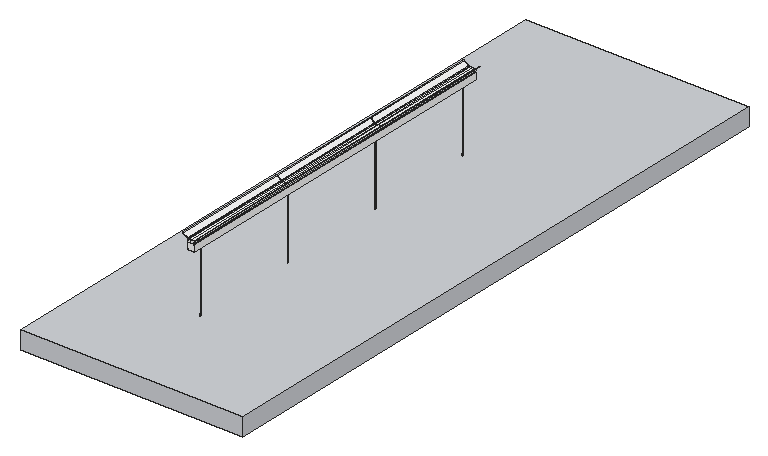
Revit family "Zumtobel TECTON C", category Lighting Fixtures, host Face, Revit 2014
Parameters (values of type "TECTON C LED L1000 + CG")
  Versatz = 0 mm  # constant formula
  Type Comments = "© Zumtobel. We reserve the right to make technical changes without prior notice."  # constant formula
  Track [instance] = Zumtobel_Metal_White
  Suspension Height [instance] = 600 mm
  URL = "http://www.zumtobel.com/42183293"
  Suspension [instance] = Zumtobel_Metal_White
  Reflector [instance] = Zumtobel_Metal_White
  Number of Suspensions [instance] = 4
  Number of Lighting Fixtures [instance] = 3
  Length Continuous Row [instance] = Number of Lighting Fixtures * Length + (Number of Lighting Fixtures - 1) * Distance between Fixtures + Fixture Start Offset + Fixture End Offset  # 3000 mm
  Fixture Type = Zumtobel TECTON C (Lamp & Reflector) : TECTON C LED L1000 + CG
  Fixture End Offset [instance] = 0 mm
  Length = 1000 mm
  Distance between Fixtures [instance] = 0 mm
  Model = ""  # constant formula
  Manufacturer = "Zumtobel Lighting"  # constant formula
  Lamp = ""  # constant formula
  Fixture Start Offset [instance] = 0 mm
  Description = "LED continuous-row luminaire"  # constant formula
  Default Elevation = 1219.2 mm
  Body [instance] = Zumtobel_Metal_White
  Assembly Code = "D5020210"
  Apparent Load = 0 VA  # constant formula
Types (9, lengths in mm): name | URL | Length Continuous Row | Fixture Type | Length
  TECTON C LED L1000 | "http://www.zumtobel.com/42183293" | 3000 | Zumtobel TECTON C (Lamp & Reflector) : TECTON C LED L1000 | 1000
  TECTON C LED L1500 | "http://www.zumtobel.com/42183293" | 4494 | Zumtobel TECTON C (Lamp & Reflector) : TECTON C LED L1500 | 1498
  TECTON C LED L2000 | "http://www.zumtobel.com/42183307" | 5991 | Zumtobel TECTON C (Lamp & Reflector) : TECTON C LED L2000 | 1997
  TECTON C LED L2000 WW | "http://www.zumtobel.com/42183310" | 5991 | Zumtobel TECTON C (Lamp & Reflector) : TECTON C LED L2000 WW | 1997
  TECTON C LED L1000 WW | "http://www.zumtobel.com/42183296" | 3000 | Zumtobel TECTON C (Lamp & Reflector) : TECTON C LED L1000 WW | 1000
  TECTON C LED L1500 WW | "http://www.zumtobel.com/42183322" | 4494 | Zumtobel TECTON C (Lamp & Reflector) : TECTON C LED L1500 WW | 1498
  TECTON C LED L1000 + CG | "http://www.zumtobel.com/42183293" | 3000 | Zumtobel TECTON C (Lamp & Reflector) : TECTON C LED L1000 + CG | 1000
  TECTON C LED L1500 + CG | "http://www.zumtobel.com/42183293" | 4494 | Zumtobel TECTON C (Lamp & Reflector) : TECTON C LED L1500 + CG | 1498
  TECTON C LED L2000 + CG | "http://www.zumtobel.com/42183307" | 5991 | Zumtobel TECTON C (Lamp & Reflector) : TECTON C LED L2000 + CG | 1997
Reference planes
  plane 1 "Top": z = 0
  plane 2 "Center (Left/Right)": x = 0
  plane 3 "Suspension Right": y = -900
  plane 4 "Left": y = -1000
  plane 5: z = 600
  plane 6: z = 540
  plane 7: y = -1000
  plane 8: y = 0
  plane 9: y = 0
  plane 10 "Right": y = 2000
  plane 11: y = 1900
  plane 12: z = 597.258
  plane 13: z = 594.252
  plane 14: z = 543.072
  plane 15: z = 546.078
Forms (mm)
  Extrusion 1, solid
    sketch origin (0, 0, 0) x (1, 0, 0) y (0, 1, 0)
      loop
        line (-819.2, 3600) -> (-819.2, -1800) -> (1080.8, -1800) -> (1080.8, 3600) -> (-819.2, 3600)
    from 0 to -150
  Extrusion 2, solid, material "Zumtobel_Metal_White" <- "Track"
    sketch origin (0, -900, 0) x (0, 0, -1) y (-1, 0, 0)
      loop
        line (-597.258, 27.125) -> (-594.252, 27.125) -> (-594.252, 21.81) -> (-600, 21.81) -> (-600, -21.81) -> (-594.252, -21.81) -> (-594.252, -27.125) -> (-597.258, -27.125) -> (-597.258, -30) -> (-543.072, -30) -> (-543.072, -27.125) -> (-546.078, -27.125) -> (-546.078, -21.81) -> (-540, -21.81) -> (-540, 21.81) -> (-546.078, 21.81) -> (-546.078, 27.125) -> (-543.072, 27.125) -> (-543.072, 30) -> (-597.258, 30) -> (-597.258, 27.125)
    from -100 to 2900
Dimensions and locks
  locked: plane 3 "Suspension Right" to connector elem
  locked: plane 3 "Suspension Right" to plane 4 "Left" at 100
  locked: plane 5 to plane 6 at 60
  "Suspension Height": plane 5 to plane 1 "Top"
  "Fixture Start Offset": plane 7 to plane 4 "Left"
  "Length": plane 8 to plane 7
  "Distance between Fixtures": plane 9 to plane 8
  "Length Continuous Row": plane 10 "Right" to plane 4 "Left"
  locked: plane 10 "Right" to plane 11 at 100
  plane 5 to plane 12 to plane 13 = 2.742 mm locked, 3.006 mm locked
  plane 6 to plane 14 to plane 15 = 3.072 mm locked, 3.006 mm locked
  equal spacing: group 1, group 3, group 4, group 2  (x3)
  equal spacing: group 5, group 6, group 7  (x3)
  aligned and locked: plane 1 "Top" to Extrusion 1
  aligned and locked: level to Extrusion 1
  aligned and locked: nested 1 to plane 2 "Center (Left/Right)"
  aligned and locked: plane 12 to Extrusion 2 sketch curve
  aligned and locked: Extrusion 2 sketch curve to plane 12
  aligned and locked: Extrusion 2 sketch curve to plane 13  (x2)
  aligned and locked: Extrusion 2 sketch curve to plane 15
  aligned and locked: plane 15 to Extrusion 2 sketch curve
  aligned and locked: plane 14 to Extrusion 2 sketch curve
  aligned and locked: Extrusion 2 sketch curve to plane 14
  aligned and locked: Extrusion 2 sketch curve to plane 5
  aligned and locked: Extrusion 2 sketch curve to plane 6
  aligned and locked: Extrusion 2 to plane 4 "Left"
  aligned and locked: plane 10 "Right" to Extrusion 2
  aligned and locked: plane 11 to nested 3
  aligned and locked: plane 3 "Suspension Right" to nested 2
  aligned and locked: nested 6 to plane 9
  aligned and locked: nested 1 to plane 7
Automatic sketch dimensions
  Extrusion 1 sketch curve to Extrusion 1 sketch curve = 1900 mm
  Extrusion 1 sketch curve to Extrusion 1 sketch curve = 5400 mm
  plane 2 "Center (Left/Right)" to Extrusion 2 sketch curve = 30 mm
  Extrusion 2 sketch curve to Extrusion 2 sketch curve = 2.875 mm  (x3)
  Extrusion 2 sketch curve to Extrusion 2 sketch curve = 5.315 mm  (x4)
  Extrusion 2 sketch curve to Extrusion 2 sketch curve = 43.62 mm  (x2)
Nested families
  nested 1: "Zumtobel TECTON C (Lamp & Reflector)" at (-218.644, -425.076, 0) x (0, 1, 0) z (0, 0, -1), Suspension Height <- "Suspension Height", built-in parameter 1001364 <- "Versatz", type <- "Fixture Type", Reflector <- "Reflector", Body <- "Body", type "TECTON C LED L1000 + CG"
    with Suspension Height 600 mm, Reflector Zumtobel_Metal_White, Light Emitting Shape Zumtobel_PMMA_Self_llumination_Opaque, Body Zumtobel_Metal_White
  nested 2: "Suspension" at (2.506, -900, 0) x (1, 0, 0) z (0, 0, -1), Suspension <- "Suspension", type "Suspension"
    with Suspension Zumtobel_Metal_White
  nested 3: "Suspension" at (2.506, 1900, 0) x (1, 0, 0) z (0, 0, -1), Suspension <- "Suspension", type "Suspension"
    with Suspension Zumtobel_Metal_White
  nested 4: "Suspension" at (2.506, 33.333, 0) x (1, 0, 0) z (0, 0, -1), Suspension <- "Suspension", type "Suspension"
    with Suspension Zumtobel_Metal_White
  nested 5: "Suspension" at (2.506, 966.667, 0) x (1, 0, 0) z (0, 0, -1), Suspension <- "Suspension", type "Suspension"
    with Suspension Zumtobel_Metal_White
  nested 6: "Zumtobel TECTON C (Lamp & Reflector)" at (-218.644, 574.924, 0) x (0, 1, 0) z (0, 0, -1), Suspension Height <- "Suspension Height", built-in parameter 1001364 <- "Versatz", type <- "Fixture Type", Reflector <- "Reflector", Body <- "Body", type "TECTON C LED L1000 + CG"
    with Suspension Height 600 mm, Reflector Zumtobel_Metal_White, Light Emitting Shape Zumtobel_PMMA_Self_llumination_Opaque, Body Zumtobel_Metal_White
  nested 7: "Zumtobel TECTON C (Lamp & Reflector)" at (-218.644, 1574.924, 0) x (0, 1, 0) z (0, 0, -1), Suspension Height <- "Suspension Height", built-in parameter 1001364 <- "Versatz", type <- "Fixture Type", Reflector <- "Reflector", Body <- "Body", type "TECTON C LED L1000 + CG"
    with Suspension Height 600 mm, Reflector Zumtobel_Metal_White, Light Emitting Shape Zumtobel_PMMA_Self_llumination_Opaque, Body Zumtobel_Metal_White
Connectors
  electrical at (0, -900, 0), driven by "Apparent Load"
    settings: index 1, voltage 230 V, apparent load 0 VA, apparent load phase1 0 VA, apparent load phase2 0 VA, apparent load phase3 0 VA, power factor 1, load classification "Other", number of poles 1, system type 31, power factor state 1, is connector primary yes, connector utility no, sub classification motor no, connector description ""
Definition of nested family "Zumtobel TECTON C (Lamp & Reflector)"
  Parameters (values of type "TECTON C LED L2000 + CG")
    Width = 60 mm
    Wattage = 48.3365 W
    Voltage = 230  # constant formula
    URL = "http://www.zumtobel.com/42183307"
    built-in parameter 1150110 = 1 (stored number, unit not read)
    Show CG Reflector = yes
    Reflector [instance] = Zumtobel_Metal_White
    Light Emitting Shape [instance] = Zumtobel_PMMA_Self_llumination_Opaque
    Emit from Rectangle Width = Length  # 1997 mm
    Emit from Rectangle Length = Width  # 60 mm
    Emit Shape Visible in Rendering = no
    Body [instance] = Zumtobel_Metal_White
    Apparent Load = 50.4 VA
    Show WW Reflector = no
    Model = "42183307"
    built-in parameter 1114217 = 1 (stored number, unit not read)
    Tilt Angle = 90.00°
    built-in parameter 1150109 = 1 (stored number, unit not read)
    built-in parameter 1150134 = 12
    Suspension Height [instance] = 500 mm
    built-in parameter 1150113 = 1 (stored number, unit not read)
    Length = 1997 mm
    Lamp = "LED"  # constant formula
    Wattage Comments = "230"  # constant formula
    Manufacturer = "Zumtobel Ligthing"  # constant formula
    Photometric Web File = "D35001_TECTON_C_LED7400_840_L2000_WB_CG_LDE_WH.IES"
    built-in parameter 1150105 = 4456.6 (stored number, unit not read)
    Lumens = 7180 lm
    built-in parameter 1150115 = 1 (stored number, unit not read)
    built-in parameter 1150137 = (empty or 0)
    built-in parameter 1150139 = (empty or 0)
    built-in parameter 1150112 = 1 (stored number, unit not read)
    built-in parameter 1150114 = 1 (stored number, unit not read)
    built-in parameter 1150132 = 2
    Description = "Single luminaire"  # constant formula
    Assembly Code = ""
    built-in parameter 1150102 = (empty or 0)
    built-in parameter 1150107 = 4000 (stored number, unit not read)
    built-in parameter 1150138 = (empty or 0)
    built-in parameter 1150106 = 44.566 (stored number, unit not read)
    built-in parameter 1150104 = 13.8 (stored number, unit not read)
    Dimming Lamp Color Temperature Shift = (empty or 0)
    Color Filter = 16777215
    built-in parameter 1114218 = 1 (stored number, unit not read)
    built-in parameter 1150133 = 10 (stored number, unit not read)
  Types (9, lengths in mm): name | Wattage | URL | Show CG Reflector | Emit from Rectangle Width | Apparent Load | Show WW Reflector | Model | Length | Photometric Web File | built-in parameter 1150105 | Lumens | built-in parameter 1150106
    TECTON C LED L1000 | 24.7068 W | "http://www.zumtobel.com/42183293" | no | 1000 | 26.7 VA | no | "42183293" | 1000 | "D35001_TECTON_C_LED3700_840_L1000_WB_LDE_WH.IES" | 2278 (stored number, unit not read) | 3670 lm | 22.78 (stored number, unit not read)
    TECTON C LED L1500 | 37.0602 W | "http://www.zumtobel.com/42183322" | no | 1498 | 39.9 VA | no | "42183322" | 1498 | "D35001_TECTON_C_LED5500_840_L1500_WB_LDE_WH.IES" | 3416.9 (stored number, unit not read) | 5505 lm | 34.169 (stored number, unit not read)
    TECTON C LED L2000 | 49.4136 W | "http://www.zumtobel.com/42183307" | no | 1997 | 50.4 VA | no | "42183307" | 1997 | "D35001_TECTON_C_LED7400_840_L2000_WB_LDE_WH.IES" | 4555.9 (stored number, unit not read) | 7340 lm | 45.559 (stored number, unit not read)
    TECTON C LED L1000 WW | 23.3604 W | "http://www.zumtobel.com/42183296" | no | 1000 | 26.7 VA | yes | "42183296" | 1000 | "D34983_TECTON_C_LED3700_840_L1000_WW_LDE_WH.IES" | 3429.1 (stored number, unit not read) | 3470 lm | 34.291 (stored number, unit not read)
    TECTON C LED L1500 WW | 35.0743 W | "http://www.zumtobel.com/42927226" | no | 1498 | 39.9 VA | yes | "42927226" | 1498 | "D34983_TECTON_C_LED5500_840_L1500_WW_LDE_WH.IES" | 5148.5 (stored number, unit not read) | 5210 lm | 51.485 (stored number, unit not read)
    TECTON C LED L2000 WW | 46.7208 W | "http://www.zumtobel.com/42183310" | no | 1997 | 50.4 VA | yes | "42183310" | 1997 | "D34983_TECTON_C_LED7400_840_L2000_WW_LDE_WH.IES" | 6858.1 (stored number, unit not read) | 6940 lm | 68.581 (stored number, unit not read)
    TECTON C LED L1000 + CG | 24.1683 W | "http://www.zumtobel.com/42183293" | yes | 1000 | 26.7 VA | no | "42183293" | 1000 | "D35001_TECTON_C_LED3700_840_L1000_WB_CG_LDE_WH.IES" | 285.68 (stored number, unit not read) | 3590 lm | 2.8568 (stored number, unit not read)
    TECTON C LED L1500 + CG | 36.286 W | "http://www.zumtobel.com/42183322" | yes | 1498 | 39.9 VA | no | "42183322" | 1498 | "D35001_TECTON_C_LED5500_840_L1500_WB_CG_LDE_WH.IES" | 3345.6 (stored number, unit not read) | 5390 lm | 33.456 (stored number, unit not read)
    TECTON C LED L2000 + CG | 48.3365 W | "http://www.zumtobel.com/42183307" | yes | 1997 | 50.4 VA | no | "42183307" | 1997 | "D35001_TECTON_C_LED7400_840_L2000_WB_CG_LDE_WH.IES" | 4456.6 (stored number, unit not read) | 7180 lm | 44.566 (stored number, unit not read)
  Reference planes
    plane 1 "Light Source Axis (F/B)": y = -218.644
    plane 2: z = 0
    plane 3 "Light Source Axis (L/R)": x = -74.924
    plane 4 "Light Source Elevation": z = -526.745
    plane 5 "Bottom": z = 0
    plane 6 "Left": x = -1073.424
    plane 7 "Right": x = 923.576
    plane 8: z = -500
  Forms (mm)
    Extrusion 1, solid, material "Zumtobel_Metal_White" <- "Body"
      sketch origin (-74.924, 0, 0) x (0, 1, 0) y (0, 0, 1)
        loop
          line (-193.644, -500) -> (-243.644, -500) -> (-243.644, -512.745) -> (-248.644, -512.745) -> (-248.644, -528.745) -> (-246.644, -528.745) -> (-245.644, -526.745) -> (-226.144, -526.745) -> (-218.644, -519.745) -> (-211.144, -526.745) -> (-191.644, -526.745) -> (-190.644, -528.745) -> (-188.644, -528.745) -> (-188.644, -512.745) -> (-193.644, -512.745) -> (-193.644, -500)
      from -998.5 to 998.5
    Extrusion 2, solid, material "Zumtobel_Metal_White" <- "Reflector", visible <- "Show WW Reflector", detail levels medium+fine
      sketch origin (-74.924, 0, 0) x (0, 1, 0) y (0, 0, 1)
        loop
          line (-250.144, -511.245) -> (-250.144, -572.745) -> (-241.144, -589.745) -> (-235.486, -589.745) -> (-245.144, -571.503) -> (-245.144, -528.745) -> (-248.644, -528.745) -> (-248.644, -512.745) -> (-243.644, -512.745) -> (-243.644, -511.245) -> (-250.144, -511.245)
      from -998.5 to 998.5
    Extrusion 3, solid, material "Zumtobel_Metal_White" <- "Reflector", visible <- "Show CG Reflector", detail levels medium+fine
      sketch origin (-74.924, 0, 0) x (0, 1, 0) y (0, 0, 1)
        loop
          line (-250.144, -511.245) -> (-250.144, -529.163) -> (-288.616, -553.204) -> (-288.616, -559.035) -> (-287.116, -559.035) -> (-287.116, -554.035) -> (-246.644, -528.745) -> (-248.644, -528.745) -> (-248.644, -512.745) -> (-243.644, -512.745) -> (-243.644, -511.245) -> (-250.144, -511.245)
        loop
          line (-187.144, -511.245) -> (-193.644, -511.245) -> (-193.644, -512.745) -> (-188.644, -512.745) -> (-188.644, -528.745) -> (-190.644, -528.745) -> (-150.171, -554.035) -> (-150.171, -559.035) -> (-148.671, -559.035) -> (-148.671, -553.204) -> (-187.144, -529.163) -> (-187.144, -511.245)
      from -998.5 to 998.5
  Dimensions and locks
    equal spacing: plane 7 "Right", plane 3 "Light Source Axis (L/R)", plane 6 "Left"
    "Length": plane 7 "Right" to plane 6 "Left"
    "Suspension Height": plane 5 "Bottom" to plane 8
    locked: plane 8 to plane 4 "Light Source Elevation" at 26.745
    aligned: plane 3 "Light Source Axis (L/R)" to imposter light
    aligned: plane 1 "Light Source Axis (F/B)" to imposter light
    aligned and locked: plane 4 "Light Source Elevation" to imposter light
    aligned and locked: plane 5 "Bottom" to level
    aligned and locked: Extrusion 1 to plane 6 "Left"
    aligned and locked: plane 7 "Right" to Extrusion 1
    aligned and locked: imposter light to plane 3 "Light Source Axis (L/R)"
    aligned and locked: imposter light to plane 1 "Light Source Axis (F/B)"
    aligned and locked: Extrusion 2 to plane 6 "Left"
    aligned and locked: plane 7 "Right" to Extrusion 2
    aligned and locked: Extrusion 3 to plane 6 "Left"
    aligned and locked: plane 7 "Right" to Extrusion 3
  Automatic sketch dimensions
    plane 4 "Light Source Elevation" to Extrusion 1 sketch curve = 0 mm  (x2)
    Extrusion 1 sketch curve to plane 8 = 0 mm
    Extrusion 1 sketch curve to plane 1 "Light Source Axis (F/B)" = 0 mm
    plane 1 "Light Source Axis (F/B)" to Extrusion 1 sketch curve = 7.5 mm
    Extrusion 1 sketch curve to Extrusion 1 sketch curve = 17.5 mm  (x2)
    Extrusion 1 sketch curve to Extrusion 1 sketch curve = 2 mm  (x3)
    Extrusion 1 sketch curve to Extrusion 1 sketch curve = 1 mm  (x2)
    Extrusion 1 sketch curve to Extrusion 1 sketch curve = 5 mm
    Extrusion 1 sketch curve to plane 1 "Light Source Axis (F/B)" = 7.5 mm
    plane 4 "Light Source Elevation" to Extrusion 1 sketch curve = 2 mm  (x2)
    Extrusion 1 sketch curve to plane 4 "Light Source Elevation" = 7 mm
    Extrusion 1 sketch curve to plane 8 = 12.745 mm  (x2)
    Extrusion 2 sketch curve to plane 8 = 11.245 mm
    plane 1 "Light Source Axis (F/B)" to Extrusion 2 sketch curve = 31.5 mm
    Extrusion 2 sketch curve to Extrusion 2 sketch curve = 1.5 mm  (x2)
    Extrusion 2 sketch curve to Extrusion 2 sketch curve = 3.5 mm
    Extrusion 2 sketch curve to Extrusion 2 sketch curve = 5 mm
    Extrusion 2 sketch curve to Extrusion 2 sketch curve = 4 mm
    Extrusion 2 sketch curve to Extrusion 2 sketch curve = 5.657 mm
    plane 4 "Light Source Elevation" to Extrusion 2 sketch curve = 2 mm
    Extrusion 2 sketch curve to Extrusion 2 sketch curve = 42.758 mm
    Extrusion 2 sketch curve to Extrusion 2 sketch curve = 1.242 mm
    Extrusion 2 sketch curve to Extrusion 2 sketch curve = 18.242 mm
    plane 4 "Light Source Elevation" to Extrusion 3 sketch curve = 32.29 mm
    plane 1 "Light Source Axis (F/B)" to Extrusion 3 sketch curve = 69.973 mm
    Extrusion 3 sketch curve to Extrusion 3 sketch curve = 1.5 mm  (x6)
    Extrusion 3 sketch curve to plane 8 = 11.245 mm
    plane 1 "Light Source Axis (F/B)" to Extrusion 3 sketch curve = 31.5 mm
    Extrusion 3 sketch curve to Extrusion 3 sketch curve = 2 mm
    Extrusion 3 sketch curve to Extrusion 3 sketch curve = 5 mm  (x3)
    Extrusion 3 sketch curve to plane 1 "Light Source Axis (F/B)" = 25 mm
    plane 4 "Light Source Elevation" to Extrusion 3 sketch curve = 2 mm  (x2)
    Extrusion 3 sketch curve to Extrusion 3 sketch curve = 3 mm
    Extrusion 3 sketch curve to Extrusion 3 sketch curve = 36.973 mm
    plane 4 "Light Source Elevation" to Extrusion 3 sketch curve = 26.459 mm
    Extrusion 3 sketch curve to Extrusion 3 sketch curve = 5.831 mm
    Extrusion 3 sketch curve to Extrusion 3 sketch curve = 0.831 mm  (x2)
    plane 4 "Light Source Elevation" to Extrusion 3 sketch curve = 2.418 mm
    Extrusion 3 sketch curve to Extrusion 3 sketch curve = 0.418 mm
    Extrusion 3 sketch curve to plane 8 = 12.745 mm
Definition of nested family "Suspension"
  Parameters (values of type "Suspension")
    Suspension Height = 600 mm
    Suspension [instance] = Zumtobel_Metal_Aluminium
    Emit Shape Visible in Rendering = no
    Default Elevation = 1219.2 mm
    Assembly Code = ""
  Reference planes
    plane 1 "Light Source Axis (F/B)": y = 0
    plane 2 "Top": z = 0
    plane 3 "Light Source Axis (L/R)": x = -2.506
    plane 4 "Bottom": z = -600
    plane 5 "Top Fitting": z = -540
  Forms (mm)
    Sweep 1, solid, material "Zumtobel_Metal_Aluminium" <- "Suspension"
      path origin (-2.506, 0, 0) x (0, 0, 1) y (0, -1, 0)
        loop
          line (0, 0) -> (-540, 0)
      profile origin (-2.506, 0, -270) x (-1, 0, 0) y (0, -1, 0)
        loop
          circle (0, 0) r 1
    Extrusion 2, solid, material "Zumtobel_Metal_Aluminium" <- "Suspension"
      sketch origin (0, 0, -540) x (0, 1, 0) y (-1, 0, 0)
        loop
          circle (0, 2.506) r 2
      from 0 to 15
    Extrusion 3, solid, material "Zumtobel_Metal_Aluminium" <- "Suspension"
      sketch origin (-2400.746, 0, 0) x (1, 0, 0) y (0, 1, 0)
        loop
          circle (2398.24, 0) r 2.6
      from 0 to -13
  Cuts and joins
    joined: Sweep 1, Extrusion 2, Extrusion 3
  Dimensions and locks
    "Suspension Height": plane 2 "Top" to plane 4 "Bottom"
    locked: plane 4 "Bottom" to plane 5 "Top Fitting" at 60
    aligned and locked: level to plane 2 "Top"
    aligned and locked: plane 5 "Top Fitting" to Sweep 1 sketch curve
  Automatic sketch dimensions
    Sweep 1 sketch curve to plane 1 "Light Source Axis (F/B)" = 0 mm
    Sweep 1 sketch curve to level = 0 mm
    Sweep 1 sketch curve to profile plane = 0 mm  (x2)
    plane 1 "Light Source Axis (F/B)" to Extrusion 3 sketch curve = 0 mm
    plane 3 "Light Source Axis (L/R)" to Extrusion 3 sketch curve = 0 mm
    plane 1 "Light Source Axis (F/B)" to Extrusion 2 sketch curve = 0 mm
    Extrusion 2 sketch curve to plane 3 "Light Source Axis (L/R)" = 0 mm
    radius of Sweep 1 sketch curve = 1 mm
    radius of Extrusion 3 sketch curve = 2.6 mm
    radius of Extrusion 2 sketch curve = 2 mm
